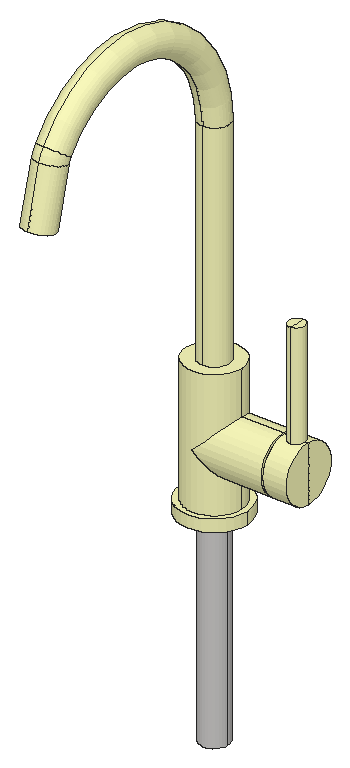
Revit family "Faucet-Symmons-Dia-Kitchen-Single_Handle-Pull_Down", category Plumbing Fixtures, Revit 2015
Parameters (values of type "2.2 GPM Flow Restrictor, Satin Nickel")
  z Visibility = if(z Error, 1 = 0, 1 = 1)  # yes
  z Type GPM = 2.2
  z Type Flow Restrictior = if(z 1.5 Flow Rate Restrictor, 3, if(z 0.5 Flow Rate Restrictor, 1, 0))  # 0
  z Type = 2
  z Overall Width [instance] = 10.500"
  z Overall Height [instance] = 15.125"  # constant formula
  z Overall Depth [instance] = 8.438"  # constant formula
  z Offset [instance] = 0.000"  # constant formula
  z Middle Pipe Radius [instance] = 0.438"  # constant formula
  z GPM Number = if(z Type GPM = 2.2, 2.2, if(z Type GPM = 2.2, 2.2, 0))  # 2.2
  z GPM GPM = 1.000 GPM
  z Flow Rate Restrictor Selection = if(and(z Error, z Error Type > 1), "Error: Select Only One Flow Rate Selection", if(z 0.5 Flow Rate Restrictor, "0.5 Flow Rate Restrictor", if(z 1.5 Flow Rate Restrictor, "1.5 Flow Rate Restrictor", "No Selection")))  # "No Selection"
  z Error Type = if(z 1.5 Flow Rate Restrictor, 1, 0) + if(z 0.5 Flow Rate Restrictor, 1, 0)  # 0
  z Error Box Width [instance] = if(z Error, 12.000", 0.100")  # 0.100"
  z Error Box Height [instance] = if(z Error, 12.000", 0.100")  # 0.100"
  z Error Box Depth [instance] = if(z Error, 12.000", 0.100")  # 0.100"
  z Error = if(z Error Type > 1, 1 = 1, 1 = 0)  # no
  z Cut Out Hole Size [instance] = 0.625"
  z Component Pipe Radius [instance] = 0.500"  # constant formula
  z 1.5 Flow Rate Restrictor = 1 = 0  # no
  z 0.5 Flow Rate Restrictor = 1 = 0  # no
  URL = "http://www.symmons.com/"
  Product data url = "https://bimobject.com/symmonsindustries/product/symmons-spp-3510"
  Product Page URL = "http://www.symmons.com/Kitchen-Products/Dia/Symmons-Dia-Single-Handle-Pull-Down-Kitchen-Faucet-SPP-3510.aspx"
  Product Material = Nickel - Symmons - Satin
  Product Documentation Link = "http://www.symmons.com/~/media/Files/Symmons/Products/Dia/SPP3510_Dia_KitFaucet_sub.pdf"
  Part Number [instance] = Model  # "SPP-3510-STN"
  Part Description [instance] = Description  # "Single Handle Pull-Down Kitchen Faucet, 2.2 Flow Rate Restrictor, Satin Nickel"
  Model Disclaimer = "Contact Symmons Industries, Inc. For More Information"  # constant formula
  Model = if(z Error, z Flow Rate Restrictor Selection, if(and(z Type = 1, z Type Flow Restrictior = 0), "SPP-3510", if(and(z Type = 1, z Type Flow Restrictior = 1), "SPP-3510-0.5", if(and(z Type = 1, z Type Flow Restrictior = 2), "SPP-3510-1.0", if(and(z Type = 1, z Type Flow Restrictior = 3), "SPP-3510-1.5", if(and(z Type = 2, z Type Flow Restrictior = 0), "SPP-3510-STN", if(and(z Type = 2, z Type Flow Restrictior = 1), "SPP-3510-0.5-STN", if(and(z Type = 2, z Type Flow Restrictior = 2), "SPP-3510-1.0-STN", if(and(z Type = 2, z Type Flow Restrictior = 3), "SPP-3510-1.5-STN", "Not Available")))))))))  # "SPP-3510-STN"
  Manufacturer = "Symmons Industries, Inc."  # constant formula
  Gallons Per Minute = z GPM GPM * z GPM Number  # 2.200 GPM
  Family Version = "1.0"  # constant formula
  Equipment Number [instance] = ""
  Equipment Abbreviation = "KF"
  Description = if(z Error, z Flow Rate Restrictor Selection, if(and(z Type = 1, z Type Flow Restrictior = 0), "Single Handle Pull-Down Kitchen Faucet, 2.2 Flow Rate Restrictor, Chrome", if(and(z Type = 1, z Type Flow Restrictior = 1), "Single Handle Pull-Down Kitchen Faucet, 0.5 Flow Rate Restrictor, Chrome", if(and(z Type = 1, z Type Flow Restrictior = 2), "Single Handle Pull-Down Kitchen Faucet, 1.0 Flow Rate Restrictor, Chrome", if(and(z Type = 1, z Type Flow Restrictior = 3), "Single Handle Pull-Down Kitchen Faucet, 1.5 Flow Rate Restrictor, Chrome", if(and(z Type = 2, z Type Flow Restrictior = 0), "Single Handle Pull-Down Kitchen Faucet, 2.2 Flow Rate Restrictor, Satin Nickel", if(and(z Type = 2, z Type Flow Restrictior = 1), "Single Handle Pull-Down Kitchen Faucet,0.5 Flow Rate Restrictor, Satin Nickel", if(and(z Type = 2, z Type Flow Restrictior = 2), "Single Handle Pull-Down Kitchen Faucet,1.0 Flow Rate Restrictor, Satin Nickel", if(and(z Type = 2, z Type Flow Restrictior = 3), "Single Handle Pull-Down Kitchen Faucet,1.5 Flow Rate Restrictor, Satin Nickel", "Not Available")))))))))  # "Single Handle Pull-Down Kitchen Faucet, 2.2 Flow Rate Restrictor, Satin Nickel"
  Date Modified = "January 30, 2015"  # constant formula
  Date Created = "January 30, 2015"  # constant formula
  Copyright = "©2015 Symmons Industries, Inc."  # constant formula
Types (2): name | z Type | Product Material | Part Number | Part Description | Model | Description
  2.2 GPM Flow Restrictor, Chrome | 1 | Chrome - Symmons - Polished | "SPP-3510" | "Single Handle Pull-Down Kitchen Faucet, 2.2 Flow Rate Restrictor, Chrome" | "SPP-3510" | "Single Handle Pull-Down Kitchen Faucet, 2.2 Flow Rate Restrictor, Chrome"
  2.2 GPM Flow Restrictor, Satin Nickel | 2 | Nickel - Symmons - Satin | "SPP-3510-STN" | "Single Handle Pull-Down Kitchen Faucet, 2.2 Flow Rate Restrictor, Satin Nickel" | "SPP-3510-STN" | "Single Handle Pull-Down Kitchen Faucet, 2.2 Flow Rate Restrictor, Satin Nickel"
Reference planes (in)
  plane 1 "Center (Front/Back)": y = 0
  plane 2 "Center (Elevation)": z = 0
  plane 3 "Center (Left/Right)": x = 0
  plane 4: x = -6.75
  plane 5: x = 6.75
  plane 6 "Back": y = 1
  plane 7 "Front": y = -7.438
  plane 8 "Top": z = 15.125
  plane 9: z = 0
  plane 10 "Left": x = -4
  plane 11 "Right": x = 4
  plane 12: x = -1.0625
  plane 13: x = 1.0625
  plane 14: y = -1.125
  plane 15: z = 0.375
  plane 16: x = 5
  plane 17: x = 3
  plane 18: x = -5
  plane 19: x = -3
  plane 20: y = -1
  plane 21: y = 0
  plane 22: y = 0.25
  plane 23: y = -0.25
  plane 24: z = -6.5
  plane 25: x = 0.1875
  plane 26: x = -0.1875
  plane 27: z = -0.1997
  plane 28: z = 4.375
  plane 29: y = 0.05
  plane 30: x = -0.05
  plane 31: x = 0.05
  plane 32: y = -0.05
  plane 33: z = 0.1
  plane 34: z = 2.125
  plane 35: x = 2.62783
  plane 36: y = -0.825
  plane 37: y = 0.825
Forms (in)
  Extrusion 1, solid, material "Nickel - Symmons - Satin" <- "Product Material", visible <- "z Visibility"
    sketch origin (0, 0, 0) x (1, 0, 0) y (0, 1, 0)
      loop
        circle (0, 0) r 1.0625
    from 0 to 0.375
  Extrusion 2, void
    sketch origin (0, 0, 0) x (1, 0, 0) y (0, 1, 0)
      loop
        circle (0, 0) r 0.4375
    from -6.5 to 0
  Extrusion 3, solid, material "Stainless Steel - Symmons - Brushed", visible <- "z Visibility"
    sketch origin (0, 0, 0) x (1, 0, 0) y (0, 1, 0)
      loop
        circle (0, 0) r 0.4375
    from -6.5 to 0
  Sweep 4, solid, material "Nickel - Symmons - Satin" <- "Product Material", visible <- "z Visibility"
    path origin (0, 0, 0) x (0, 1, 0) y (0, 0, 1)
      loop
        line (0, 0.375) -> (0, 11.17163)
        arc (0, 11.17163) -> (-2.47937, 14.5081) -> (-6.38925, 13.09666) r 3.48462
        arc (-6.38925, 13.09666) -> (-6.45328, 12.98071) -> (-6.49783, 12.85597) r 0.82097
        line (-6.49783, 12.85597) -> (-6.96925, 11.09976)
    profile origin (0, 0, 5.77331) x (0, -1, 0) y (1, 0, 0)
      loop
        circle (0, 0) r 0.46875
  Extrusion 5, solid, material "Nickel - Symmons - Satin" <- "Product Material", visible <- "z Visibility"
    sketch origin (0, 0, 0) x (1, 0, 0) y (0, 1, 0)
      loop
        circle (0, 0) r 0.875
    from 0.375 to 4.375
  Extrusion 6, solid, material "Error Box", visible <- "z Error"
    sketch origin (0, 0, 0) x (1, 0, 0) y (0, 1, 0)
      loop
        line (-0.05, 0.05) -> (-0.05, -0.05) -> (0.05, -0.05) -> (0.05, 0.05) -> (-0.05, 0.05)
    from 0 to 0.1
  Revolve 7, solid, material "Nickel - Symmons - Satin" <- "Product Material", visible <- "z Visibility"
    sketch origin (52.34067, 0, 120) x (1, 0, 0) y (0, 0, 1)
      loop
        line (-52.34067, -117) -> (-52.34067, -117.875) -> (-49.34067, -117.875) -> (-49.34067, -117) -> (-50.09067, -117) -> (-50.09067, -117.05) -> (-50.14067, -117.05) -> (-50.14067, -117) -> (-52.34067, -117)
      axis (-52.34067, -117.875) -> (-49.34067, -117.875)
    angle from 0 to 360
  Revolve 8, solid, material "Nickel - Symmons - Satin" <- "Product Material", visible <- "z Visibility"
    sketch origin (2.62783, 60, 120) x (0, 1, 0) y (0, 0, 1)
      loop
        line (-60.25, -113.72532) -> (-60.25, -117.875) -> (-60, -117.875) -> (-60, -113.72532) -> (-60.25, -113.72532)
      axis (-60, -117.875) -> (-60, -113.72532)
    angle from 0 to 360
Cuts and joins
  joined: Sweep 4, Extrusion 5, Revolve 7, Revolve 8
Lines and regions (in)
  Masking region 1
    outline origin (0, 0, 0) x (1, 0, 0) y (0, 1, 0)
      loop
        circle (0, 0) r 1.0625
  Masking region 2
    outline origin (0, -58.69644, 0.375) x (0, -1, 0) y (1, 0, 0)
      loop
        circle (-58.69644, 0) r 0.875
  Masking region 3
    outline origin (0, -58.69644, 0.375) x (0, -1, 0) y (1, 0, 0)
      loop
        arc (-59.57144, 0) -> (-58.69644, 0.875) -> (-57.82144, 0) r 0.875
        line (-57.82144, 0) -> (-57.82144, 3) -> (-59.57144, 3) -> (-59.57144, 0)
  Masking region 4, detail levels medium+fine
    outline origin (0, -58.69644, 4.375) x (0, -1, 0) y (1, 0, 0)
      loop
        circle (-58.69644, 2.62783) r 0.25
  Masking region 5
    outline origin (0, -58.69644, 15.125) x (0, -1, 0) y (1, 0, 0)
      loop
        arc (-51.74321, -0.46875) -> (-51.27446, 0) -> (-51.74321, 0.46875) r 0.46875
        line (-51.74321, 0.46875) -> (-58.69644, 0.46875)
        arc (-58.69644, 0.46875) -> (-59.16519, 0) -> (-58.69644, -0.46875) r 0.46875
        line (-58.69644, -0.46875) -> (-51.74321, -0.46875)
  symbolic lines, detail levels fine
    curve 1: line (2.225, 0.875, 4.375) -> (2.225, -0.875, 4.375)
Dimensions and locks (in)
  "z Overall Depth": plane 7 "Front" to plane 6 "Back"
  equal spacing: plane 4, plane 3 "Center (Left/Right)", plane 5
  "z Overall Height": plane 8 "Top" to plane 9
  equal spacing: plane 10 "Left", plane 3 "Center (Left/Right)", plane 11 "Right"
  locked: plane 10 "Left" to plane 11 "Right" at 8
  locked: plane 4 to plane 10 "Left" at 2.75
  plane 4 to plane 5 = 13.500"
  equal spacing: plane 12, plane 3 "Center (Left/Right)", plane 13
  locked: plane 12 to plane 13 at 2.125
  locked: plane 15 to plane 9 at 0.375
  equal spacing: plane 18, plane 10 "Left", plane 19
  equal spacing: plane 17, plane 11 "Right", plane 16
  locked: plane 18 to plane 19 at 2
  locked: plane 17 to plane 16 at 2
  locked: plane 9 to plane 24 at 6.5
  "z Offset": plane 9 to plane 2 "Center (Elevation)"
  equal spacing: plane 26, plane 3 "Center (Left/Right)", plane 25
  locked: plane 26 to plane 25 at 0.375
  plane 15 to plane 9 = 0.375"
  locked: plane 9 to plane 27 at 0.1997
  locked: plane 28 to plane 15 at 4
  equal spacing: plane 29, plane 1 "Center (Front/Back)", plane 32
  "z Error Box Depth": plane 29 to plane 32
  equal spacing: plane 30, plane 3 "Center (Left/Right)", plane 31
  "z Error Box Width": plane 30 to plane 31
  "z Error Box Height": plane 33 to plane 9
  locked: plane 34 to plane 9 at 2.125
  plane 17 to Revolve 7 sketch curve to Revolve 7 sketch curve = 0.750" locked, 0.050" locked
  locked: Revolve 7 sketch curve to Revolve 7 sketch curve at 0.875
  locked: Revolve 7 sketch curve to plane 34 at 0.825
  locked: plane 17 to plane 35 at 0.37217
  plane 1 "Center (Front/Back)" to plane 21 = 0.000"
  locked: plane 8 "Top" to Sweep 4 sketch curve at 4.02524
  locked: plane 8 "Top" to Sweep 4 sketch curve at 2.26903
  locked: plane 7 "Front" to Sweep 4 sketch curve at 0.46875
  locked: plane 7 "Front" to Sweep 4 sketch curve at 0.94017
  plane 7 "Front" to Sweep 4 sketch curve to Sweep 4 sketch curve = 1.73308" locked, 2.2203" locked
  plane 8 "Top" to Sweep 4 sketch curve to Sweep 4 sketch curve = 2.48188" locked, 1.4715" locked
  locked: plane 34 to Revolve 8 sketch curve at 4.14968
  plane 14 to plane 20 to plane 23 to plane 21 to plane 22 to plane 6 "Back" = 0.125" locked, 0.750" locked, 0.250" locked, 0.250" locked, 0.750" locked
  Masking region 3 sketch curve to plane 21 to Masking region 3 sketch curve = 0.875" locked, 0.875" locked
  equal spacing: plane 36, plane 21, plane 37
  locked: plane 36 to plane 37 at 1.65
  cut or joined group of Sweep 4, Extrusion 5, Revolve 7, Revolve 8 to cut or joined group of Sweep 4, Extrusion 5, Revolve 7, Revolve 8 to plane 35 = 0.050" locked, 0.37783" locked
  equal spacing: cut or joined group of Sweep 4, Extrusion 5, Revolve 7, Revolve 8, curve 1, cut or joined group of Sweep 4, Extrusion 5, Revolve 7, Revolve 8
  Masking region 5 sketch curve to plane 3 "Center (Left/Right)" to Masking region 5 sketch curve = 0.46875" locked, 0.46875" locked
  locked: plane 7 "Front" to Masking region 5 sketch curve at 0.48478
  radius of Masking region 2 sketch curve = 0.875"
  aligned and locked: plane 2 "Center (Elevation)" to level
  aligned and locked: Extrusion 1 to plane 9
  aligned and locked: plane 15 to Extrusion 1
  aligned and locked: plane 21 to Extrusion 2 sketch curve
  aligned and locked: plane 3 "Center (Left/Right)" to Extrusion 2 sketch curve
  aligned and locked: Extrusion 2 to plane 24
  aligned and locked: plane 9 to Extrusion 2
  aligned and locked: plane 21 to Extrusion 3 sketch curve
  aligned and locked: plane 3 "Center (Left/Right)" to Extrusion 3 sketch curve
  aligned and locked: plane 2 "Center (Elevation)" to Extrusion 3
  aligned and locked: plane 3 "Center (Left/Right)" to Extrusion 5 sketch curve
  aligned and locked: Extrusion 5 to plane 15
  aligned and locked: plane 28 to Extrusion 5
  aligned and locked: Extrusion 6 sketch curve to plane 29
  aligned and locked: plane 30 to Extrusion 6 sketch curve
  aligned and locked: plane 32 to Extrusion 6 sketch curve
  aligned and locked: Extrusion 6 sketch curve to plane 31
  aligned and locked: plane 33 to Extrusion 6
  aligned and locked: Extrusion 6 to plane 9
  aligned and locked: plane 21 to Extrusion 5 sketch curve
  aligned and locked: plane 21 to Extrusion 1 sketch curve
  aligned and locked: plane 3 "Center (Left/Right)" to Extrusion 1 sketch curve
  aligned and locked: Revolve 7 sketch curve to plane 17
  aligned and locked: plane 3 "Center (Left/Right)" to Revolve 7 sketch curve
  aligned and locked: plane 34 to Revolve 7 sketch curve
  aligned and locked: Revolve 7 sketch curve to plane 34
  aligned and locked: Revolve 8 sketch curve to plane 21
  aligned and locked: Sweep 4 sketch curve to plane 21
  aligned and locked: plane 34 to Revolve 8 sketch curve
  aligned and locked: Revolve 8 sketch curve to plane 23
  aligned and locked: plane 21 to Revolve 8 sketch curve
  aligned and locked: plane 21 to Masking region 1 sketch curve
  aligned and locked: plane 3 "Center (Left/Right)" to Masking region 1 sketch curve
  aligned and locked: plane 21 to Masking region 2 sketch curve
  aligned and locked: plane 3 "Center (Left/Right)" to Masking region 2 sketch curve
  aligned and locked: plane 3 "Center (Left/Right)" to Masking region 3 sketch curve
  aligned and locked: plane 21 to Masking region 3 sketch curve
  aligned and locked: Masking region 3 sketch curve to plane 17
  aligned and locked: plane 21 to Masking region 4 sketch curve
  aligned and locked: plane 35 to Masking region 4 sketch curve
  aligned and locked: plane 21 to Masking region 5 sketch curve
Automatic sketch dimensions
  Sweep 4 sketch curve to plane 3 "Center (Left/Right)" = 0.000"
  Sweep 4 sketch curve to profile plane = 0.000"
  Sweep 4 sketch curve to plane 15 = 0.000"
  Revolve 7 sketch curve to plane 4 = 53.66868"
  plane 5 to Revolve 7 sketch curve = 58.59541"
  Revolve 7 sketch curve to Revolve 7 sketch curve = 0.050"
  Revolve 8 sketch curve to plane 24 = 5.500"
  plane 8 "Top" to Revolve 8 sketch curve = 80.875"
  Masking region 3 sketch curve to plane 3 "Center (Left/Right)" = 0.000"  (x2)
  curve 1 to plane 37 = 0.050"
  plane 36 to curve 1 = 0.050"
  radius of Extrusion 2 sketch curve = 0.4375"
  radius of Extrusion 3 sketch curve = 0.4375"
  radius of Sweep 4 sketch curve = 0.46875"
  radius of Extrusion 5 sketch curve = 0.875"
  radius of Extrusion 1 sketch curve = 1.0625"
  radius of Masking region 1 sketch curve = 1.0625"
  radius of Masking region 4 sketch curve = 0.250"
Connectors (in)
  piping at (0, 0, -6.5), diameter 1, driven by "z Component Pipe Radius"
    settings: on Extrusion 3, index 1, connector inside diameter 1", connector length 0.000", flow factor 0, pipe flow 0.000 GPM, pressure drop 0.00 psi, fitting loss kfactor 0, connector angle 0.000°, fixture units 0, engagement length 0.000", angle of deflection 0.000°, flow configuration 0, flow direction 0, fitting loss method 0, system type 19, joint type 0, gender type 0, connector reference index -1, connector utility 0, adjustable connector no, is connector primary yes, connector description "Hot"
  piping at (0, 0, -6.5), diameter 1, driven by "z Component Pipe Radius", driven by "Gallons Per Minute"
    settings: on Extrusion 3, index 2, connector inside diameter 1", connector length 0.000", flow factor 0, pipe flow 2.200 GPM, pressure drop 0.00 psi, fitting loss kfactor 0, connector angle 0.000°, fixture units 0, engagement length 0.000", angle of deflection 0.000°, flow configuration 0, flow direction 0, fitting loss method 0, system type 20, joint type 0, gender type 0, connector reference index -1, connector utility 0, adjustable connector no, is connector primary no, connector description "Cold"
